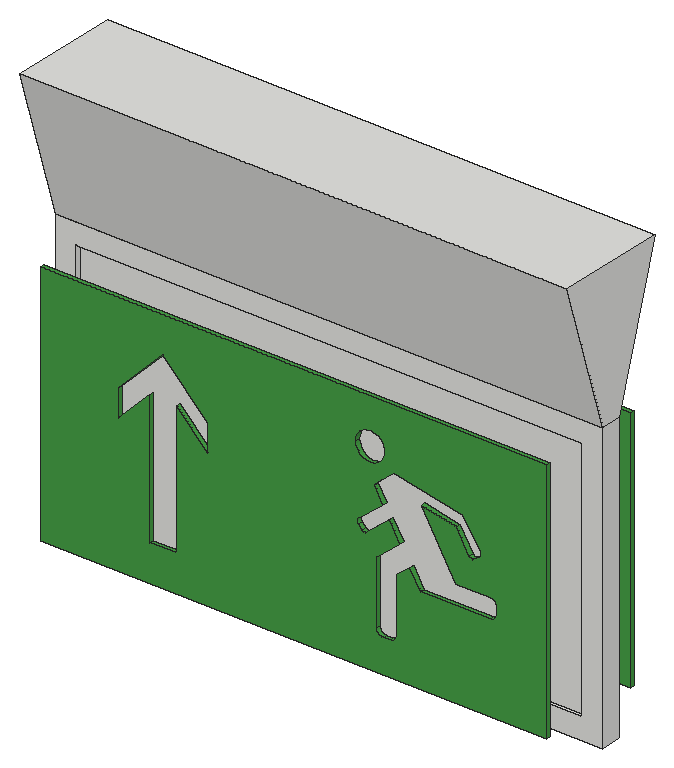
Revit family "290280 ExiLED M ST LED 22m LP 1t_Tak", category Lighting Fixtures, Revit 2016
Family settings
  Part Type = Normal
  Round Connector Dimension = Use Diameter
  OmniClass Number = 23.80.70.11.21
  OmniClass Title = Emergency Lighting
  Work Plane-Based = No
  Always vertical = Yes
  Cut with Voids When Loaded = No
  Light Source = Yes
  Shared = No
  Room Calculation Point = No
Parameters (values of type "MarkeringsLys (Opp)")
  Width 1 = 10 mm  # constant formula
  Width = 53 mm  # constant formula
  Wattage Comments = "17 W"
  Wattage = 9.2903 W
  built-in parameter 1150110 = 1 (stored number, unit not read)
  Voltage = 230 V
  URL = ""
  Type Comments = "-UN"
  built-in parameter 1114217 = 1 (stored number, unit not read)
  Tilt Angle = 90.00°
  built-in parameter 1150109 = 1 (stored number, unit not read)
  built-in parameter 1150134 = 3
  Symbol Positive Direction [instance] = yes
  Symbol Offset Side [instance] = 0 mm
  Symbol Offset Out [instance] = 0 mm
  built-in parameter 1150113 = 1 (stored number, unit not read)
  Reference Line Out [instance] = 50 mm
  Photometric Web File = "20x42A12.ies"
  Number of Poles = 1
  NS8360 = "4431_WT2"
  Markeringslys høyre = yes
  MarkeringsLys Venstre = no
  MarkeringsLys Opp = yes
  MarkeringsLys Ned = no
  MarkeringsLys Høyre = no
  MarkeringsLys 45 Opp mot venstre = no
  MarkeringsLys 45 Opp mot høyre = no
  MarkeringsLys 45 Ned mot venstre = no
  MarkeringsLys 45 Ned mot høyre = no
  MarkeringsLys = yes
  built-in parameter 1150105 = 109.82 (stored number, unit not read)
  Lumens = 1380 lm
  built-in parameter 1150115 = 1 (stored number, unit not read)
  Load Classification [instance] = Other
  Model = ""
  Manufacturer = "Honeywell"
  built-in parameter 1150137 = (empty or 0)
  built-in parameter 1150139 = (empty or 0)
  Length 3 = 80 mm  # constant formula
  Length 1 = Length - 20 mm  # 245 mm
  Length = 265 mm  # constant formula
  LedeLys = no
  built-in parameter 1150112 = 1 (stored number, unit not read)
  built-in parameter 1150114 = 1 (stored number, unit not read)
  Lamp = "1"
  Keynote = "WT2"
  built-in parameter 1150132 = (empty or 0)
  built-in parameter 1150102 = (empty or 0)
  built-in parameter 1150107 = 3200 (stored number, unit not read)
  built-in parameter 1150138 = (empty or 0)
  built-in parameter 1150106 = 1.0982 (stored number, unit not read)
  Markeringsly venstre = no
  Height 2 = Height 1 - 20 mm  # 119 mm
  Height 1 = Height - 70 mm  # 139 mm
  Height = 209 mm  # constant formula
  Emit from Rectangle Width = Height 1  # 139 mm
  Emit from Rectangle Length = Length  # 265 mm
  Emit Shape Visible in Rendering = no
  built-in parameter 1150104 = 13.8 (stored number, unit not read)
  Dimming Lamp Color Temperature Shift = <None>
  Description = ""
  Color Filter = 16777215
  Body Material and Colour = Steel
  built-in parameter 1114218 = 1 (stored number, unit not read)
  built-in parameter 1150133 = 10 (stored number, unit not read)
  Assembly Code = "4431"
  Apparent Load = 17 VA
Types (8, lengths in mm): name | Markeringslys høyre | MarkeringsLys Venstre | MarkeringsLys Opp | MarkeringsLys Høyre | MarkeringsLys 45 Opp mot venstre | MarkeringsLys 45 Opp mot høyre | MarkeringsLys 45 Ned mot høyre | Markeringsly venstre
  MarkeringsLys (Ned) | yes | no | yes | no | no | no | no | no
  MarkeringsLys (Opp) | yes | no | yes | no | no | no | no | no
  MarkeringsLys (45 Ned mot høyre) | yes | no | no | no | no | no | yes | no
  MarkeringsLys (45 Ned mot venstre) | yes | no | yes | no | no | no | no | no
  MarkeringsLys (45 Opp mot høyre) | yes | no | no | no | no | yes | no | no
  MarkeringsLys (45 Opp mot venstre) | no | no | no | no | yes | no | no | yes
  MarkeringsLys (Høyre) | yes | no | no | yes | no | no | no | no
  MarkeringsLys (Venstre) | no | yes | no | no | no | no | no | yes
Reference planes
  plane 1 "Light Source Axis (F/B)": y = 119.961
  plane 2 "Top": z = 83
  plane 3 "Light Source Axis (L/R)": x = 0
  plane 4 "Level": z = 0
  plane 5: x = -132.5
  plane 6: x = 132.5
  plane 7: x = -122.5
  plane 8: x = 122.5
  plane 9: y = 146.461
  plane 10: y = 93.461
  plane 11: x = -40
  plane 12: x = 40
  plane 13: y = 124.961
  plane 14: y = 114.961
  plane 15: z = -209
  plane 16: z = -70
  plane 17: z = -139.5
  plane 18: z = -80
  plane 19: z = -199
Forms (mm)
  Extrusion 1, solid, material "Steel" <- "Body Material and Colour"
    sketch origin (0, 119.961, 0) x (1, 0, 0) y (0, 0, 1)
      loop
        line (-132.5, -70) -> (-132.5, -209) -> (132.5, -209) -> (132.5, -70) -> (-132.5, -70)
      loop
        line (-122.5, -80) -> (-122.5, -199) -> (122.5, -199) -> (122.5, -80) -> (-122.5, -80)
    from -5 to 5
  Extrusion 2, solid, material "Steel" <- "Body Material and Colour"
    sketch origin (0, 0, 0) x (0, 1, 0) y (0, 0, 1)
      loop
        line (146.461, 0) -> (93.461, 0) -> (114.961, -70) -> (124.961, -70) -> (146.461, 0)
    from -132.5 to 132.5
  Extrusion 3, solid, material "Steel" <- "Body Material and Colour"
    sketch origin (0, 119.961, 0) x (1, 0, 0) y (0, 0, 1)
      loop
        line (-122.5, -80) -> (-122.5, -199) -> (122.5, -199) -> (122.5, -80) -> (-122.5, -80)
    from -3 to 3
Lines and regions (mm)
  model lines, style "InvisibleLines"
    curve 1: line (0, 119.961, 0) -> (0, 169.961, 0)
  symbolic lines, style "InvisibleLines"
    curve 2: line (0, 119.961, 0) -> (0, 119.961, 50)
Dimensions and locks
  equal spacing: plane 5, plane 3 "Light Source Axis (L/R)", plane 6
  "Length": plane 5 to plane 6
  equal spacing: plane 7, plane 3 "Light Source Axis (L/R)", plane 8
  "Length 1": plane 7 to plane 8
  "Reference Line Out": plane 1 "Light Source Axis (F/B)" to curve 1
  equal spacing: plane 9, plane 1 "Light Source Axis (F/B)", plane 10
  "Width": plane 9 to plane 10
  equal spacing: plane 11, plane 3 "Light Source Axis (L/R)", plane 12
  "Length 3": plane 11 to plane 12
  equal spacing: plane 13, plane 1 "Light Source Axis (F/B)", plane 14
  "Width 1": plane 13 to plane 14
  "Height": plane 15 to level
  equal spacing: plane 15, plane 17, plane 16
  "Height 1": plane 15 to plane 16
  equal spacing: plane 19, plane 17, plane 18
  "Height 2": plane 19 to plane 18
  aligned and locked: plane 4 "Level" to level
  aligned and locked: imposter light to plane 3 "Light Source Axis (L/R)"
  aligned and locked: plane 1 "Light Source Axis (F/B)" to curve 1
  aligned and locked: plane 3 "Light Source Axis (L/R)" to curve 1
  aligned and locked: nested 1 to plane 3 "Light Source Axis (L/R)"
  aligned and locked: plane 3 "Light Source Axis (L/R)" to nested 3
  aligned and locked: plane 1 "Light Source Axis (F/B)" to nested 3
  aligned and locked: plane 3 "Light Source Axis (L/R)" to nested 4
  aligned and locked: nested 6 to plane 3 "Light Source Axis (L/R)"
  aligned and locked: plane 3 "Light Source Axis (L/R)" to nested 5
  aligned and locked: nested 8 to plane 3 "Light Source Axis (L/R)"
  aligned and locked: plane 3 "Light Source Axis (L/R)" to nested 7
  aligned and locked: nested 9 to plane 3 "Light Source Axis (L/R)"
  aligned and locked: plane 3 "Light Source Axis (L/R)" to nested 2
  aligned and locked: plane 3 "Light Source Axis (L/R)" to nested 10
  aligned and locked: nested 11 to plane 3 "Light Source Axis (L/R)"
  aligned and locked: plane 3 "Light Source Axis (L/R)" to nested 12
  aligned and locked: nested 13 to plane 3 "Light Source Axis (L/R)"
  aligned and locked: plane 3 "Light Source Axis (L/R)" to nested 14
  aligned and locked: nested 15 to plane 3 "Light Source Axis (L/R)"
  aligned and locked: plane 3 "Light Source Axis (L/R)" to nested 16
  aligned and locked: nested 17 to plane 3 "Light Source Axis (L/R)"
  aligned and locked: nested 16 to plane 10
  aligned and locked: nested 10 to plane 10
  aligned and locked: nested 12 to plane 10
  aligned and locked: nested 5 to plane 10
  aligned and locked: nested 14 to plane 10
  aligned and locked: nested 7 to plane 10
  aligned and locked: nested 4 to plane 10
  aligned and locked: Extrusion 1 sketch curve to plane 16
  aligned and locked: plane 5 to Extrusion 1 sketch curve
  aligned and locked: plane 15 to Extrusion 1 sketch curve
  aligned and locked: Extrusion 1 sketch curve to plane 6
  aligned and locked: Extrusion 1 sketch curve to plane 18
  aligned and locked: plane 7 to Extrusion 1 sketch curve
  aligned and locked: plane 19 to Extrusion 1 sketch curve
  aligned and locked: Extrusion 1 sketch curve to plane 8
  aligned and locked: plane 17 to nested 2
  aligned and locked: nested 1 to plane 17
  aligned and locked: nested 1 to plane 13
  aligned and locked: nested 2 to plane 14
  aligned and locked: imposter light to plane 13
  aligned and locked: plane 17 to imposter light
  aligned and locked: level to Extrusion 2 sketch curve
  aligned and locked: plane 16 to Extrusion 2 sketch curve
  aligned and locked: plane 10 to Extrusion 2 sketch curve
  aligned and locked: plane 9 to Extrusion 2 sketch curve
  aligned and locked: plane 14 to Extrusion 2 sketch curve
  aligned and locked: plane 13 to Extrusion 2 sketch curve
  aligned and locked: plane 6 to Extrusion 2
  aligned and locked: Extrusion 2 to plane 5
  aligned and locked: plane 17 to nested 12
  aligned and locked: nested 13 to plane 17
  aligned and locked: plane 17 to nested 4
  aligned and locked: nested 6 to plane 17
  aligned and locked: plane 17 to nested 16
  aligned and locked: nested 17 to plane 17
  aligned and locked: plane 17 to nested 5
  aligned and locked: nested 8 to plane 17
  aligned and locked: plane 17 to nested 14
  aligned and locked: nested 15 to plane 17
  aligned and locked: plane 17 to nested 7
  aligned and locked: nested 9 to plane 17
  aligned and locked: plane 17 to nested 10
  aligned and locked: nested 11 to plane 17
  aligned and locked: Extrusion 1 to plane 13
  aligned and locked: Extrusion 1 to plane 14
  aligned and locked: Extrusion 3 sketch curve to plane 18
  aligned and locked: plane 19 to Extrusion 3 sketch curve
  aligned and locked: Extrusion 3 sketch curve to plane 8
  aligned and locked: plane 7 to Extrusion 3 sketch curve
  aligned and locked: Extrusion 3 to nested 1
  aligned and locked: Extrusion 3 to nested 2
  aligned and locked: plane 4 "Level" to curve 2
  aligned and locked: plane 3 "Light Source Axis (L/R)" to curve 2
Automatic sketch dimensions
  plane 2 "Top" to curve 2 = 33 mm
Nested families
  nested 1: "Formula 65_ned" at (0, 122.961, -139.5), type "Formula 65"
    with Ned no
  nested 2: "Formula 65_ned" at (0, 116.961, -139.5), visible <- "MarkeringsLys Ned", type "Formula 65"
    with Ned no
  nested 3: "MarkeringslysDobbelS" at (0, 119.961, 0), visible <- "MarkeringsLys", type "Type 1"
  nested 4: "Formula 65_opp" at (0, 95.461, -139.5), visible <- "MarkeringsLys Opp", type "Formula 65"
    with Up yes
  nested 5: "Formula 65_skrått 45 grader ned mot venstre" at (0, 95.461, -139.5), type "Formula 65"
  nested 6: "Formula 65_opp" at (0, 144.461, -139.5), type "Formula 65"
    with Up yes
  nested 7: "Formula 65_skrått 45 grader opp mot venstre" at (0, 95.461, -139.5), type "Formula 65"
  nested 8: "Formula 65_skrått 45 grader ned mot venstre" at (0, 144.461, -139.5), type "Formula 65"
  nested 9: "Formula 65_skrått 45 grader opp mot venstre" at (0, 144.461, -139.5), type "Formula 65"
  nested 10: "Formula 65_høyre" at (0, 95.461, -139.5), type "Formula 65"
  nested 11: "Formula 65_høyre" at (0, 144.461, -139.5), type "Formula 65"
  nested 12: "Formula 65_skrått 45 grader ned mot høyre" at (0, 95.461, -139.5), type "Formula 65"
  nested 13: "Formula 65_skrått 45 grader ned mot høyre" at (0, 144.461, -139.5), type "Formula 65"
  nested 14: "Formula 65_skrått 45 grader opp mot høyre" at (0, 95.461, -139.5), type "Formula 65"
  nested 15: "Formula 65_skrått 45 grader opp mot høyre" at (0, 144.461, -139.5), type "Formula 65"
  nested 16: "Formula 65_venstre" at (0, 95.461, -139.5), type "Formula 65"
  nested 17: "Formula 65_venstre" at (0, 144.461, -139.5), type "Formula 65"
Connectors
  electrical at (0, 119.961, 0), driven by "Number of Poles", driven by "Load Classification", driven by "Voltage", driven by "Apparent Load"
    settings: index 1, voltage 230 V, apparent load 0 VA, apparent load phase1 17 VA, apparent load phase2 0 VA, apparent load phase3 0 VA, power factor 1, load classification "Other", number of poles 1, system type 31, power factor state 1, is connector primary yes, connector utility no, sub classification motor no, connector description ""
Definition of nested family "Formula 65_opp"
  Parameters (values of type "Formula 65")
    Up = no
    L = 205 mm
    H = 135 mm
  Reference planes
    plane 1 "Center (Front/Back)": y = 0
    plane 2: z = 0
    plane 3 "Center (Left/Right)": x = 0
    plane 4: y = -2
  Forms (mm)
    Extrusion 1, solid, visible <- "Up"
      sketch origin (453.48, 0, -265.275) x (1, 0, 0) y (0, 0, 1)
        loop
          line (-330.98, 324.786) -> (-575.98, 324.786) -> (-575.98, 205.729) -> (-330.98, 205.729) -> (-330.98, 324.786)
        loop
          circle (-416.257, 302.786) r 6.994
        loop
          line (-410.528, 290.483) -> (-414.175, 286.835) -> (-410.086, 279.752) -> (-421.699, 270.007)
          arc (-421.699, 270.007) -> (-422.384, 268.692) -> (-421.938, 267.277) r 1.937
          line (-421.938, 267.277) -> (-420.277, 265.298)
          arc (-420.277, 265.298) -> (-418.962, 264.614) -> (-417.548, 265.06) r 1.937
          line (-417.548, 265.06) -> (-406.807, 274.072) -> (-401.888, 265.554) -> (-413.17, 256.087) -> (-413.17, 225.258)
          arc (-413.17, 225.258) -> (-412.224, 222.974) -> (-409.941, 222.029) r 3.229
          line (-409.941, 222.029) -> (-406.712, 222.029)
          arc (-406.712, 222.029) -> (-404.429, 222.974) -> (-403.483, 225.258) r 3.229
          line (-403.483, 225.258) -> (-403.483, 251.57) -> (-396.97, 257.035) -> (-391.811, 248.099) -> (-358.276, 248.099)
          arc (-358.276, 248.099) -> (-355.993, 249.045) -> (-355.047, 251.328) r 3.229
          line (-355.047, 251.328) -> (-355.047, 254.557)
          arc (-355.047, 254.557) -> (-355.993, 256.84) -> (-358.276, 257.786) r 3.229
          line (-358.276, 257.786) -> (-375.032, 257.786) -> (-391.295, 285.955) -> (-374.492, 282.683) -> (-368.439, 272.199)
          arc (-368.439, 272.199) -> (-367.214, 271.284) -> (-365.706, 271.543) r 1.937
          line (-365.706, 271.543) -> (-363.469, 272.996)
          arc (-363.469, 272.996) -> (-362.629, 274.218) -> (-362.899, 275.676) r 1.937
          line (-362.899, 275.676) -> (-371.321, 288.645) -> (-404.921, 295.187) -> (-410.528, 290.483)
        loop
          line (-494.958, 285.425) -> (-516.607, 307.075) -> (-538.257, 285.425) -> (-538.257, 272.436) -> (-523.102, 287.59) -> (-523.102, 223.475) -> (-510.113, 223.475) -> (-510.113, 287.59) -> (-494.958, 272.436) -> (-494.958, 285.425)
      from 0 to 2
  Dimensions and locks
    aligned and locked: level to plane 2
Definition of nested family "Formula 65_ned"
  Parameters (values of type "Formula 65")
    Ned = yes
    L = 205 mm
    H = 135 mm
  Reference planes
    plane 1 "Center (Front/Back)": y = 0
    plane 2: z = 0
    plane 3 "Center (Left/Right)": x = 0
    plane 4: y = -2
  Forms (mm)
    Extrusion 1, solid, visible <- "Ned"
      sketch origin (453.48, 0, -265.275) x (1, 0, 0) y (0, 0, 1)
        loop
          line (-330.98, 324.775) -> (-575.98, 324.775) -> (-575.98, 205.729) -> (-330.98, 205.729) -> (-330.98, 324.775)
        loop
          line (-494.958, 245.124) -> (-494.958, 258.114) -> (-510.113, 242.959) -> (-510.113, 307.075) -> (-523.102, 307.075) -> (-523.102, 242.959) -> (-538.257, 258.114) -> (-538.257, 245.124) -> (-516.607, 223.475) -> (-494.958, 245.124)
        loop
          circle (-424.257, 302.786) r 6.994
        loop
          line (-418.528, 290.483) -> (-422.175, 286.835) -> (-418.086, 279.752) -> (-429.699, 270.007)
          arc (-429.699, 270.007) -> (-430.384, 268.692) -> (-429.938, 267.277) r 1.937
          line (-429.938, 267.277) -> (-428.277, 265.298)
          arc (-428.277, 265.298) -> (-426.962, 264.614) -> (-425.548, 265.06) r 1.937
          line (-425.548, 265.06) -> (-414.807, 274.072) -> (-409.888, 265.554) -> (-421.17, 256.087) -> (-421.17, 225.258)
          arc (-421.17, 225.258) -> (-420.224, 222.974) -> (-417.941, 222.029) r 3.229
          line (-417.941, 222.029) -> (-414.712, 222.029)
          arc (-414.712, 222.029) -> (-412.429, 222.974) -> (-411.483, 225.258) r 3.229
          line (-411.483, 225.258) -> (-411.483, 251.57) -> (-404.97, 257.035) -> (-399.811, 248.099) -> (-366.276, 248.099)
          arc (-366.276, 248.099) -> (-363.993, 249.045) -> (-363.047, 251.328) r 3.229
          line (-363.047, 251.328) -> (-363.047, 254.557)
          arc (-363.047, 254.557) -> (-363.993, 256.84) -> (-366.276, 257.786) r 3.229
          line (-366.276, 257.786) -> (-383.032, 257.786) -> (-399.295, 285.955) -> (-382.492, 282.683) -> (-376.439, 272.199)
          arc (-376.439, 272.199) -> (-375.214, 271.284) -> (-373.706, 271.543) r 1.937
          line (-373.706, 271.543) -> (-371.469, 272.996)
          arc (-371.469, 272.996) -> (-370.629, 274.218) -> (-370.899, 275.676) r 1.937
          line (-370.899, 275.676) -> (-379.321, 288.645) -> (-412.921, 295.187) -> (-418.528, 290.483)
      from 0 to 2
  Dimensions and locks
    aligned and locked: level to plane 2
Definition of nested family "MarkeringslysDobbelS"
  Parameters (values of type "Type 1")
    Venstre opp 45 = no
    Venstre ned 45 = no
    Venstre = no
    Opp = yes
    Normal = yes
    Ned = no
    Ikke normal = no
    Høyre opp 45 = no
    Høyre ned 45 = no
    Høyre = no
    CQ Symbol Positive Direction = yes
    CQ Symbol Negative Direction = not(CQ Symbol Positive Direction)  # no
    CQ Symbol Offset Side = 0 mm
    CQ Symbol Offset Out = 0 mm
  Reference planes
    plane 1: y = 0
    plane 2: x = 0
  Dimensions and locks
    "CQ Symbol Offset Out": plane 1 to nested 1
    "CQ Symbol Offset Out": plane 1 to nested 2
    "CQ Symbol Offset Side": plane 2 to nested 2
    "CQ Symbol Offset Side": nested 1 to plane 2
  Nested families
    nested 1: "Markeringslys dobbel" at (0, 0, 0), visible <- "CQ Symbol Negative Direction", type "Type 1"
    nested 2: "Markeringslys dobbel" at (0, 0, 0), visible <- "CQ Symbol Positive Direction", type "Type 1"
  Definition of nested family "Markeringslys dobbel"
    Parameters (values of type "Type 1")
      Venstre opp 45 = no
      Venstre ned 45 = no
      Venstre = no
      Opp = yes
      Normal = yes
      Ned = no
      Ikke normal = no
      Høyre opp 45 = no
      Høyre ned 45 = no
      Høyre = no
    Reference planes
      plane 1: y = 0
      plane 2: x = 0
    Lines and regions (mm)
      detail lines
        curve 1: line (4, -4, 0) -> (-4, -4, 0)
        curve 2: line (-4, -4, 0) -> (-4, 0, 0)
        curve 3: line (-4, 0, 0) -> (4, 0, 0)
        curve 4: line (4, 0, 0) -> (4, -4, 0)
        curve 45: line (-4, 4, 0) -> (4, 4, 0)
        curve 46: line (4, 4, 0) -> (4, 0, 0)
        curve 47: line (4, 0, 0) -> (-4, 0, 0)
        curve 48: line (-4, 0, 0) -> (-4, 4, 0)
        curve 58: circle (1.212, 0.614, 0) r 0.3 normal (0, 0, -1)
      detail lines, visible <- "Ned"
        curve 5: line (2.346, -0.5, 0) -> (1.646, -0.5, 0)
        curve 6: line (2.346, -0.5, 0) -> (2.346, -2.584, 0)
        curve 7: line (1.646, -0.5, 0) -> (1.646, -2.584, 0)
        curve 8: line (1.996, -3.5, 0) -> (2.996, -2.5, 0)
        curve 9: line (2.996, -2.5, 0) -> (2.996, -1.934, 0)
        curve 10: line (2.996, -1.934, 0) -> (2.346, -2.584, 0)
        curve 11: line (1.996, -3.5, 0) -> (0.996, -2.5, 0)
        curve 12: line (0.996, -2.5, 0) -> (0.996, -1.934, 0)
        curve 13: line (0.996, -1.934, 0) -> (1.646, -2.584, 0)
        curve 49: line (-2.346, 0.5, 0) -> (-1.646, 0.5, 0)
        curve 50: line (-2.346, 0.5, 0) -> (-2.346, 2.584, 0)
        curve 51: line (-1.646, 0.5, 0) -> (-1.646, 2.584, 0)
        curve 52: line (-1.996, 3.5, 0) -> (-2.996, 2.5, 0)
        curve 53: line (-2.996, 2.5, 0) -> (-2.996, 1.934, 0)
        curve 54: line (-2.996, 1.934, 0) -> (-2.346, 2.584, 0)
        curve 55: line (-1.996, 3.5, 0) -> (-0.996, 2.5, 0)
        curve 56: line (-0.996, 2.5, 0) -> (-0.996, 1.934, 0)
        curve 57: line (-0.996, 1.934, 0) -> (-1.646, 2.584, 0)
      detail lines, visible <- "Normal"
        curve 14: circle (-1.212, -0.614, 0) r 0.3 normal (0, 0, -1)
        curve 15: line (-0.986, -3.7, 0) -> (-1.395, -3.7, 0)
        curve 16: line (-0.986, -3.7, 0) -> (-1.823, -2.308, 0)
        curve 17: line (-1.823, -2.308, 0) -> (-1.461, -1.495, 0)
        curve 18: line (-1.069, -2.147, 0) -> (-1.461, -1.495, 0)
        curve 19: line (-1.069, -2.147, 0) -> (-0.487, -2.147, 0)
        curve 20: line (-0.487, -2.147, 0) -> (-0.487, -1.847, 0)
        curve 21: line (-0.487, -1.847, 0) -> (-0.899, -1.847, 0)
        curve 22: line (-0.899, -1.847, 0) -> (-1.307, -1.169, 0)
        curve 23: line (-1.395, -3.7, 0) -> (-2.104, -2.518, 0)
        curve 24: line (-1.307, -1.169, 0) -> (-1.753, -0.97, 0)
        curve 25: line (-1.753, -0.97, 0) -> (-2.625, -0.97, 0)
        curve 26: line (-2.625, -0.97, 0) -> (-2.99, -1.627, 0)
        curve 27: line (-2.99, -1.627, 0) -> (-2.769, -1.848, 0)
        curve 28: line (-2.769, -1.848, 0) -> (-2.457, -1.285, 0)
        curve 29: line (-2.104, -2.518, 0) -> (-2.259, -3.229, 0)
        curve 30: line (-2.259, -3.229, 0) -> (-3.557, -3.229, 0)
        curve 31: line (-3.557, -3.229, 0) -> (-3.457, -2.879, 0)
        curve 32: line (-3.457, -2.879, 0) -> (-2.541, -2.879, 0)
        curve 33: line (-2.541, -2.879, 0) -> (-2.4, -2.23, 0)
        curve 34: line (-2.4, -2.23, 0) -> (-2.021, -1.38, 0)
        curve 35: line (-2.021, -1.38, 0) -> (-2.457, -1.285, 0)
        curve 59: line (0.986, 3.7, 0) -> (1.395, 3.7, 0)
        curve 60: line (0.986, 3.7, 0) -> (1.823, 2.308, 0)
        curve 61: line (1.823, 2.308, 0) -> (1.461, 1.495, 0)
        curve 62: line (1.069, 2.147, 0) -> (1.461, 1.495, 0)
        curve 63: line (1.069, 2.147, 0) -> (0.487, 2.147, 0)
        curve 64: line (0.487, 2.147, 0) -> (0.487, 1.847, 0)
        curve 65: line (0.487, 1.847, 0) -> (0.899, 1.847, 0)
        curve 66: line (0.899, 1.847, 0) -> (1.307, 1.169, 0)
        curve 67: line (1.395, 3.7, 0) -> (2.104, 2.518, 0)
        curve 68: line (1.307, 1.169, 0) -> (1.753, 0.97, 0)
        curve 69: line (1.753, 0.97, 0) -> (2.625, 0.97, 0)
        curve 70: line (2.625, 0.97, 0) -> (2.99, 1.627, 0)
        curve 71: line (2.99, 1.627, 0) -> (2.769, 1.848, 0)
        curve 72: line (2.769, 1.848, 0) -> (2.457, 1.285, 0)
        curve 73: line (2.104, 2.518, 0) -> (2.259, 3.229, 0)
        curve 74: line (2.259, 3.229, 0) -> (3.557, 3.229, 0)
        curve 75: line (3.557, 3.229, 0) -> (3.457, 2.879, 0)
        curve 76: line (3.457, 2.879, 0) -> (2.541, 2.879, 0)
        curve 77: line (2.541, 2.879, 0) -> (2.4, 2.23, 0)
        curve 78: line (2.4, 2.23, 0) -> (2.021, 1.38, 0)
        curve 79: line (2.021, 1.38, 0) -> (2.457, 1.285, 0)
      detail lines, visible <- "Opp"
        curve 36: line (1.646, -3.5, 0) -> (2.346, -3.5, 0)
        curve 37: line (1.646, -3.5, 0) -> (1.646, -1.416, 0)
        curve 38: line (2.346, -3.5, 0) -> (2.346, -1.416, 0)
        curve 39: line (1.996, -0.5, 0) -> (0.996, -1.5, 0)
        curve 40: line (0.996, -1.5, 0) -> (0.996, -2.066, 0)
        curve 41: line (0.996, -2.066, 0) -> (1.646, -1.416, 0)
        curve 42: line (1.996, -0.5, 0) -> (2.996, -1.5, 0)
        curve 43: line (2.996, -1.5, 0) -> (2.996, -2.066, 0)
        curve 44: line (2.996, -2.066, 0) -> (2.346, -1.416, 0)
        curve 80: line (-1.646, 3.5, 0) -> (-2.346, 3.5, 0)
        curve 81: line (-1.646, 3.5, 0) -> (-1.646, 1.416, 0)
        curve 82: line (-2.346, 3.5, 0) -> (-2.346, 1.416, 0)
        curve 83: line (-1.996, 0.5, 0) -> (-0.996, 1.5, 0)
        curve 84: line (-0.996, 1.5, 0) -> (-0.996, 2.066, 0)
        curve 85: line (-0.996, 2.066, 0) -> (-1.646, 1.416, 0)
        curve 86: line (-1.996, 0.5, 0) -> (-2.996, 1.5, 0)
        curve 87: line (-2.996, 1.5, 0) -> (-2.996, 2.066, 0)
        curve 88: line (-2.996, 2.066, 0) -> (-2.346, 1.416, 0)
      detail lines, visible <- "Høyre"
        curve 89: line (0.496, -1.65, 0) -> (0.496, -2.35, 0)
        curve 90: line (0.496, -1.65, 0) -> (2.58, -1.65, 0)
        curve 91: line (0.496, -2.35, 0) -> (2.58, -2.35, 0)
        curve 92: line (3.496, -2, 0) -> (2.496, -1, 0)
        curve 93: line (2.496, -1, 0) -> (1.93, -1, 0)
        curve 94: line (1.93, -1, 0) -> (2.58, -1.65, 0)
        curve 95: line (3.496, -2, 0) -> (2.496, -3, 0)
        curve 96: line (2.496, -3, 0) -> (1.93, -3, 0)
        curve 97: line (1.93, -3, 0) -> (2.58, -2.35, 0)
        curve 100: line (-0.496, 1.65, 0) -> (-0.496, 2.35, 0)
        curve 101: line (-0.496, 1.65, 0) -> (-2.58, 1.65, 0)
        curve 102: line (-0.496, 2.35, 0) -> (-2.58, 2.35, 0)
        curve 103: line (-3.496, 2, 0) -> (-2.466, 0.97, 0)
        curve 104: line (-2.496, 1, 0) -> (-1.93, 1, 0)
        curve 105: line (-1.93, 1, 0) -> (-2.58, 1.65, 0)
        curve 106: line (-3.496, 2, 0) -> (-2.496, 3, 0)
        curve 107: line (-2.496, 3, 0) -> (-1.93, 3, 0)
        curve 108: line (-1.93, 3, 0) -> (-2.58, 2.35, 0)
      detail lines, visible <- "Venstre"
        curve 98: line (-1.496, 1, 0) -> (-2.062, 1, 0)
        curve 99: line (-2.062, 1, 0) -> (-1.412, 1.65, 0)
        curve 131: line (-0.409, -1.65, 0) -> (-0.409, -2.35, 0)
        curve 132: line (-0.409, -1.65, 0) -> (-2.493, -1.65, 0)
        curve 133: line (-0.409, -2.35, 0) -> (-2.493, -2.35, 0)
        curve 134: line (-3.409, -2, 0) -> (-2.409, -1, 0)
        curve 135: line (-2.409, -1, 0) -> (-1.843, -1, 0)
        curve 136: line (-1.843, -1, 0) -> (-2.493, -1.65, 0)
        curve 137: line (-3.409, -2, 0) -> (-2.409, -3, 0)
        curve 138: line (-2.409, -3, 0) -> (-1.843, -3, 0)
        curve 139: line (-1.843, -3, 0) -> (-2.493, -2.35, 0)
        curve 162: line (0.409, 1.65, 0) -> (0.409, 2.35, 0)
        curve 163: line (0.409, 1.65, 0) -> (2.493, 1.65, 0)
        curve 164: line (0.409, 2.35, 0) -> (2.493, 2.35, 0)
        curve 165: line (3.409, 2, 0) -> (2.409, 1, 0)
        curve 166: line (2.409, 1, 0) -> (1.843, 1, 0)
        curve 167: line (1.843, 1, 0) -> (2.493, 1.65, 0)
        curve 168: line (3.409, 2, 0) -> (2.409, 3, 0)
        curve 169: line (2.409, 3, 0) -> (1.843, 3, 0)
        curve 170: line (1.843, 3, 0) -> (2.493, 2.35, 0)
      detail lines, visible <- "Ikke normal"
        curve 109: circle (1.299, -0.614, 0) r 0.3 normal (0, 0, 1)
        curve 110: line (1.073, -3.7, 0) -> (1.482, -3.7, 0)
        curve 111: line (1.073, -3.7, 0) -> (1.91, -2.308, 0)
        curve 112: line (1.91, -2.308, 0) -> (1.548, -1.495, 0)
        curve 113: line (1.156, -2.147, 0) -> (1.548, -1.495, 0)
        curve 114: line (1.156, -2.147, 0) -> (0.574, -2.147, 0)
        curve 115: line (0.574, -2.147, 0) -> (0.574, -1.847, 0)
        curve 116: line (0.574, -1.847, 0) -> (0.986, -1.847, 0)
        curve 117: line (0.986, -1.847, 0) -> (1.394, -1.169, 0)
        curve 118: line (1.482, -3.7, 0) -> (2.192, -2.518, 0)
        curve 119: line (1.394, -1.169, 0) -> (1.84, -0.97, 0)
        curve 120: line (1.84, -0.97, 0) -> (2.713, -0.97, 0)
        curve 121: line (2.713, -0.97, 0) -> (3.077, -1.627, 0)
        curve 122: line (3.077, -1.627, 0) -> (2.856, -1.848, 0)
        curve 123: line (2.856, -1.848, 0) -> (2.544, -1.285, 0)
        curve 124: line (2.192, -2.518, 0) -> (2.346, -3.229, 0)
        curve 125: line (2.346, -3.229, 0) -> (3.644, -3.229, 0)
        curve 126: line (3.644, -3.229, 0) -> (3.544, -2.879, 0)
        curve 127: line (3.544, -2.879, 0) -> (2.628, -2.879, 0)
        curve 128: line (2.628, -2.879, 0) -> (2.487, -2.23, 0)
        curve 129: line (2.487, -2.23, 0) -> (2.108, -1.38, 0)
        curve 130: line (2.108, -1.38, 0) -> (2.544, -1.285, 0)
        curve 140: circle (-1.299, 0.614, 0) r 0.3 normal (0, 0, 1)
        curve 141: line (-1.073, 3.7, 0) -> (-1.482, 3.7, 0)
        curve 142: line (-1.073, 3.7, 0) -> (-1.91, 2.308, 0)
        curve 143: line (-1.91, 2.308, 0) -> (-1.548, 1.495, 0)
        curve 144: line (-1.156, 2.147, 0) -> (-1.548, 1.495, 0)
        curve 145: line (-1.156, 2.147, 0) -> (-0.574, 2.147, 0)
        curve 146: line (-0.574, 2.147, 0) -> (-0.574, 1.847, 0)
        curve 147: line (-0.574, 1.847, 0) -> (-0.986, 1.847, 0)
        curve 148: line (-0.986, 1.847, 0) -> (-1.394, 1.169, 0)
        curve 149: line (-1.482, 3.7, 0) -> (-2.192, 2.518, 0)
        curve 150: line (-1.394, 1.169, 0) -> (-1.84, 0.97, 0)
        curve 151: line (-1.84, 0.97, 0) -> (-2.713, 0.97, 0)
        curve 152: line (-2.713, 0.97, 0) -> (-3.077, 1.627, 0)
        curve 153: line (-3.077, 1.627, 0) -> (-2.856, 1.848, 0)
        curve 154: line (-2.856, 1.848, 0) -> (-2.544, 1.285, 0)
        curve 155: line (-2.192, 2.518, 0) -> (-2.346, 3.229, 0)
        curve 156: line (-2.346, 3.229, 0) -> (-3.644, 3.229, 0)
        curve 157: line (-3.644, 3.229, 0) -> (-3.544, 2.879, 0)
        curve 158: line (-3.544, 2.879, 0) -> (-2.628, 2.879, 0)
        curve 159: line (-2.628, 2.879, 0) -> (-2.487, 2.23, 0)
        curve 160: line (-2.487, 2.23, 0) -> (-2.108, 1.38, 0)
        curve 161: line (-2.108, 1.38, 0) -> (-2.544, 1.285, 0)
      detail lines, visible <- "Venstre opp 45"
        curve 171: line (0.601, 2.813, 0) -> (1.096, 3.308, 0)
        curve 172: line (0.601, 2.813, 0) -> (2.075, 1.339, 0)
        curve 173: line (1.096, 3.308, 0) -> (2.57, 1.834, 0)
        curve 174: line (2.97, 0.939, 0) -> (1.556, 0.939, 0)
        curve 175: line (1.556, 0.939, 0) -> (1.156, 1.339, 0)
        curve 176: line (1.156, 1.339, 0) -> (2.075, 1.339, 0)
        curve 177: line (2.97, 0.939, 0) -> (2.97, 2.354, 0)
        curve 178: line (2.97, 2.354, 0) -> (2.57, 2.754, 0)
        curve 179: line (2.57, 2.754, 0) -> (2.57, 1.834, 0)
        curve 189: line (-0.601, -2.813, 0) -> (-1.096, -3.308, 0)
        curve 190: line (-0.601, -2.813, 0) -> (-2.075, -1.339, 0)
        curve 191: line (-1.096, -3.308, 0) -> (-2.57, -1.834, 0)
        curve 192: line (-2.97, -0.939, 0) -> (-1.556, -0.939, 0)
        curve 193: line (-1.556, -0.939, 0) -> (-1.156, -1.339, 0)
        curve 194: line (-1.156, -1.339, 0) -> (-2.075, -1.339, 0)
        curve 195: line (-2.97, -0.939, 0) -> (-2.97, -2.354, 0)
        curve 196: line (-2.97, -2.354, 0) -> (-2.57, -2.754, 0)
        curve 197: line (-2.57, -2.754, 0) -> (-2.57, -1.834, 0)
      detail lines, visible <- "Venstre ned 45"
        curve 180: line (-1.096, -0.939, 0) -> (-0.601, -1.434, 0)
        curve 181: line (-1.096, -0.939, 0) -> (-2.57, -2.413, 0)
        curve 182: line (-0.601, -1.434, 0) -> (-2.075, -2.908, 0)
        curve 183: line (-2.97, -3.308, 0) -> (-2.97, -1.894, 0)
        curve 184: line (-2.97, -1.894, 0) -> (-2.57, -1.494, 0)
        curve 185: line (-2.57, -1.494, 0) -> (-2.57, -2.413, 0)
        curve 186: line (-2.97, -3.308, 0) -> (-1.556, -3.308, 0)
        curve 187: line (-1.556, -3.308, 0) -> (-1.156, -2.908, 0)
        curve 188: line (-1.156, -2.908, 0) -> (-2.075, -2.908, 0)
        curve 198: line (1.096, 0.939, 0) -> (0.601, 1.434, 0)
        curve 199: line (1.096, 0.939, 0) -> (2.57, 2.413, 0)
        curve 200: line (0.601, 1.434, 0) -> (2.075, 2.908, 0)
        curve 201: line (2.97, 3.308, 0) -> (2.97, 1.894, 0)
        curve 202: line (2.97, 1.894, 0) -> (2.57, 1.494, 0)
        curve 203: line (2.57, 1.494, 0) -> (2.57, 2.413, 0)
        curve 204: line (2.97, 3.308, 0) -> (1.556, 3.308, 0)
        curve 205: line (1.556, 3.308, 0) -> (1.156, 2.908, 0)
        curve 206: line (1.156, 2.908, 0) -> (2.075, 2.908, 0)
      detail lines, visible <- "Høyre ned 45"
        curve 207: line (1.18, -0.517, 0) -> (0.685, -1.012, 0)
        curve 208: line (1.18, -0.517, 0) -> (2.654, -1.991, 0)
        curve 209: line (0.685, -1.012, 0) -> (2.159, -2.486, 0)
        curve 210: line (3.054, -2.886, 0) -> (3.054, -1.472, 0)
        curve 211: line (3.054, -1.472, 0) -> (2.654, -1.072, 0)
        curve 212: line (2.654, -1.072, 0) -> (2.654, -1.991, 0)
        curve 213: line (3.054, -2.886, 0) -> (1.64, -2.886, 0)
        curve 214: line (1.64, -2.886, 0) -> (1.24, -2.486, 0)
        curve 215: line (1.24, -2.486, 0) -> (2.159, -2.486, 0)
        curve 225: line (-1.18, 0.517, 0) -> (-0.685, 1.012, 0)
        curve 226: line (-1.18, 0.517, 0) -> (-2.654, 1.991, 0)
        curve 227: line (-0.685, 1.012, 0) -> (-2.159, 2.486, 0)
        curve 228: line (-3.054, 2.886, 0) -> (-3.054, 1.472, 0)
        curve 229: line (-3.054, 1.472, 0) -> (-2.654, 1.072, 0)
        curve 230: line (-2.654, 1.072, 0) -> (-2.654, 1.991, 0)
        curve 231: line (-3.054, 2.886, 0) -> (-1.64, 2.886, 0)
        curve 232: line (-1.64, 2.886, 0) -> (-1.24, 2.486, 0)
        curve 233: line (-1.24, 2.486, 0) -> (-2.159, 2.486, 0)
      detail lines, visible <- "Høyre opp 45"
        curve 216: line (0.685, -2.391, 0) -> (1.18, -2.886, 0)
        curve 217: line (0.685, -2.391, 0) -> (2.159, -0.917, 0)
        curve 218: line (1.18, -2.886, 0) -> (2.654, -1.412, 0)
        curve 219: line (3.054, -0.517, 0) -> (1.64, -0.517, 0)
        curve 220: line (1.64, -0.517, 0) -> (1.24, -0.917, 0)
        curve 221: line (1.24, -0.917, 0) -> (2.159, -0.917, 0)
        curve 222: line (3.054, -0.517, 0) -> (3.054, -1.932, 0)
        curve 223: line (3.054, -1.932, 0) -> (2.654, -2.332, 0)
        curve 224: line (2.654, -2.332, 0) -> (2.654, -1.412, 0)
        curve 234: line (-0.685, 2.391, 0) -> (-1.18, 2.886, 0)
        curve 235: line (-0.685, 2.391, 0) -> (-2.159, 0.917, 0)
        curve 236: line (-1.18, 2.886, 0) -> (-2.654, 1.412, 0)
        curve 237: line (-3.054, 0.517, 0) -> (-1.64, 0.517, 0)
        curve 238: line (-1.64, 0.517, 0) -> (-1.24, 0.917, 0)
        curve 239: line (-1.24, 0.917, 0) -> (-2.159, 0.917, 0)
        curve 240: line (-3.054, 0.517, 0) -> (-3.054, 1.932, 0)
        curve 241: line (-3.054, 1.932, 0) -> (-2.654, 2.332, 0)
        curve 242: line (-2.654, 2.332, 0) -> (-2.654, 1.412, 0)
Definition of nested family "Formula 65_skrått 45 grader ned mot venstre"
  Parameters (values of type "Formula 65")
    L = 205 mm
    H = 135 mm
    45 ned mot venstre = no
  Reference planes
    plane 1 "Center (Front/Back)": y = 0
    plane 2: z = 0
    plane 3 "Center (Left/Right)": x = 0
    plane 4: y = -2
  Forms (mm)
    Extrusion 1, solid, visible <- "45 ned mot venstre"
      sketch origin (453.48, 0, -265.275) x (1, 0, 0) y (0, 0, 1)
        loop
          line (-330.98, 324.786) -> (-575.98, 324.786) -> (-575.98, 205.729) -> (-330.98, 205.729) -> (-330.98, 324.786)
        loop
          circle (-424.257, 302.786) r 6.994
        loop
          line (-418.528, 290.483) -> (-422.175, 286.835) -> (-418.086, 279.752) -> (-429.699, 270.007)
          arc (-429.699, 270.007) -> (-430.384, 268.692) -> (-429.938, 267.277) r 1.937
          line (-429.938, 267.277) -> (-428.277, 265.298)
          arc (-428.277, 265.298) -> (-426.962, 264.614) -> (-425.548, 265.06) r 1.937
          line (-425.548, 265.06) -> (-414.807, 274.072) -> (-409.888, 265.554) -> (-421.17, 256.087) -> (-421.17, 225.258)
          arc (-421.17, 225.258) -> (-420.224, 222.974) -> (-417.941, 222.029) r 3.229
          line (-417.941, 222.029) -> (-414.712, 222.029)
          arc (-414.712, 222.029) -> (-412.429, 222.974) -> (-411.483, 225.258) r 3.229
          line (-411.483, 225.258) -> (-411.483, 251.57) -> (-404.97, 257.035) -> (-399.811, 248.099) -> (-366.276, 248.099)
          arc (-366.276, 248.099) -> (-363.993, 249.045) -> (-363.047, 251.328) r 3.229
          line (-363.047, 251.328) -> (-363.047, 254.557)
          arc (-363.047, 254.557) -> (-363.993, 256.84) -> (-366.276, 257.786) r 3.229
          line (-366.276, 257.786) -> (-383.032, 257.786) -> (-399.295, 285.955) -> (-382.492, 282.683) -> (-376.439, 272.199)
          arc (-376.439, 272.199) -> (-375.214, 271.284) -> (-373.706, 271.543) r 1.937
          line (-373.706, 271.543) -> (-371.469, 272.996)
          arc (-371.469, 272.996) -> (-370.629, 274.218) -> (-370.899, 275.676) r 1.937
          line (-370.899, 275.676) -> (-379.321, 288.645) -> (-412.921, 295.187) -> (-418.528, 290.483)
        loop
          line (-552.407, 266.335) -> (-552.407, 235.718) -> (-521.79, 235.718) -> (-512.605, 244.903) -> (-534.036, 244.903) -> (-488.7, 290.239) -> (-497.885, 299.424) -> (-543.222, 254.088) -> (-543.222, 275.52) -> (-552.407, 266.335)
      from 0 to 2
  Dimensions and locks
    aligned and locked: level to plane 2
Definition of nested family "Formula 65_skrått 45 grader opp mot venstre"
  Parameters (values of type "Formula 65")
    L = 205 mm
    H = 135 mm
    45 opp mot venstre = no
  Reference planes
    plane 1 "Center (Front/Back)": y = 0
    plane 2: z = 0
    plane 3 "Center (Left/Right)": x = 0
    plane 4: y = -2
  Forms (mm)
    Extrusion 1, solid, visible <- "45 opp mot venstre"
      sketch origin (453.48, 0, -265.275) x (1, 0, 0) y (0, 0, 1)
        loop
          line (-330.98, 324.795) -> (-575.98, 324.795) -> (-575.98, 205.76) -> (-330.98, 205.76) -> (-330.98, 324.795)
        loop
          circle (-426.914, 299.376) r 6.359
        loop
          line (-421.705, 288.191) -> (-425.021, 284.875) -> (-421.303, 278.435) -> (-431.861, 269.577)
          arc (-431.861, 269.577) -> (-432.483, 268.381) -> (-432.078, 267.095) r 1.761
          line (-432.078, 267.095) -> (-430.568, 265.296)
          arc (-430.568, 265.296) -> (-429.373, 264.674) -> (-428.087, 265.079) r 1.761
          line (-428.087, 265.079) -> (-418.323, 273.273) -> (-413.851, 265.528) -> (-424.107, 256.922) -> (-424.107, 228.896)
          arc (-424.107, 228.896) -> (-423.248, 226.82) -> (-421.172, 225.96) r 2.936
          line (-421.172, 225.96) -> (-418.236, 225.96)
          arc (-418.236, 225.96) -> (-416.161, 226.82) -> (-415.301, 228.896) r 2.936
          line (-415.301, 228.896) -> (-415.301, 252.816) -> (-409.38, 257.784) -> (-404.69, 249.66) -> (-374.203, 249.66)
          arc (-374.203, 249.66) -> (-372.128, 250.52) -> (-371.268, 252.596) r 2.936
          line (-371.268, 252.596) -> (-371.268, 255.531)
          arc (-371.268, 255.531) -> (-372.128, 257.607) -> (-374.203, 258.467) r 2.936
          line (-374.203, 258.467) -> (-389.437, 258.467) -> (-404.221, 284.075) -> (-388.945, 281.1) -> (-383.443, 271.57)
          arc (-383.443, 271.57) -> (-382.329, 270.738) -> (-380.958, 270.973) r 1.761
          line (-380.958, 270.973) -> (-378.924, 272.294)
          arc (-378.924, 272.294) -> (-378.161, 273.405) -> (-378.406, 274.731) r 1.761
          line (-378.406, 274.731) -> (-386.063, 286.52) -> (-416.608, 292.468) -> (-421.705, 288.191)
        loop
          line (-551.368, 264.311) -> (-543.018, 255.961) -> (-543.018, 275.445) -> (-501.803, 234.23) -> (-493.453, 242.58) -> (-534.668, 283.795) -> (-515.184, 283.795) -> (-523.534, 292.145) -> (-551.368, 292.145) -> (-551.368, 264.311)
      from 0 to 2
  Dimensions and locks
    aligned and locked: level to plane 2
Definition of nested family "Formula 65_høyre"
  Parameters (values of type "Formula 65")
    L = 205 mm
    Høyre = no
    H = 135 mm
  Reference planes
    plane 1 "Center (Front/Back)": y = 0
    plane 2: z = 0
    plane 3 "Center (Left/Right)": x = 0
    plane 4: y = -2
  Forms (mm)
    Extrusion 1, solid, visible <- "Høyre"
      sketch origin (453.48, 0, -265.275) x (1, 0, 0) y (0, 0, 1)
        loop
          line (-330.98, 324.775) -> (-575.98, 324.775) -> (-575.98, 205.729) -> (-330.98, 205.729) -> (-330.98, 324.775)
        loop
          circle (-482.702, 302.786) r 6.994
        loop
          line (-488.431, 290.483) -> (-494.038, 295.187) -> (-527.638, 288.645) -> (-536.06, 275.676)
          arc (-536.06, 275.676) -> (-536.33, 274.218) -> (-535.49, 272.996) r 1.937
          line (-535.49, 272.996) -> (-533.253, 271.543)
          arc (-533.253, 271.543) -> (-531.745, 271.284) -> (-530.52, 272.199) r 1.937
          line (-530.52, 272.199) -> (-524.467, 282.683) -> (-507.664, 285.955) -> (-523.927, 257.786) -> (-540.683, 257.786)
          arc (-540.683, 257.786) -> (-542.967, 256.84) -> (-543.912, 254.557) r 3.229
          line (-543.912, 254.557) -> (-543.912, 251.328)
          arc (-543.912, 251.328) -> (-542.967, 249.045) -> (-540.683, 248.099) r 3.229
          line (-540.683, 248.099) -> (-507.148, 248.099) -> (-501.989, 257.035) -> (-495.476, 251.57) -> (-495.476, 225.258)
          arc (-495.476, 225.258) -> (-494.53, 222.974) -> (-492.247, 222.029) r 3.229
          line (-492.247, 222.029) -> (-489.018, 222.029)
          arc (-489.018, 222.029) -> (-486.735, 222.974) -> (-485.789, 225.258) r 3.229
          line (-485.789, 225.258) -> (-485.789, 256.087) -> (-497.071, 265.554) -> (-492.152, 274.072) -> (-481.411, 265.06)
          arc (-481.411, 265.06) -> (-479.997, 264.614) -> (-478.682, 265.298) r 1.937
          line (-478.682, 265.298) -> (-477.021, 267.277)
          arc (-477.021, 267.277) -> (-476.575, 268.692) -> (-477.26, 270.007) r 1.937
          line (-477.26, 270.007) -> (-488.873, 279.752) -> (-484.784, 286.835) -> (-488.431, 290.483)
        loop
          line (-365.109, 286.924) -> (-378.099, 286.924) -> (-362.944, 271.77) -> (-427.06, 271.77) -> (-427.06, 258.78) -> (-362.944, 258.78) -> (-378.099, 243.625) -> (-365.109, 243.625) -> (-343.46, 265.275) -> (-365.109, 286.924)
      from 0 to 2
  Dimensions and locks
    aligned and locked: level to plane 2
Definition of nested family "Formula 65_skrått 45 grader ned mot høyre"
  Parameters (values of type "Formula 65")
    L = 205 mm
    H = 135 mm
    45 ned mot høyre = no
  Reference planes
    plane 1 "Center (Front/Back)": y = 0
    plane 2: z = 0
    plane 3 "Center (Left/Right)": x = 0
    plane 4: y = -2
  Forms (mm)
    Extrusion 1, solid, visible <- "45 ned mot høyre"
      sketch origin (453.48, 0, -265.275) x (1, 0, 0) y (0, 0, 1)
        loop
          line (-330.98, 324.786) -> (-575.98, 324.786) -> (-575.98, 205.729) -> (-330.98, 205.729) -> (-330.98, 324.786)
        loop
          circle (-482.702, 302.786) r 6.994
        loop
          line (-488.431, 290.483) -> (-494.038, 295.187) -> (-527.638, 288.645) -> (-536.06, 275.676)
          arc (-536.06, 275.676) -> (-536.33, 274.218) -> (-535.49, 272.996) r 1.937
          line (-535.49, 272.996) -> (-533.253, 271.543)
          arc (-533.253, 271.543) -> (-531.745, 271.284) -> (-530.52, 272.199) r 1.937
          line (-530.52, 272.199) -> (-524.467, 282.683) -> (-507.664, 285.955) -> (-523.927, 257.786) -> (-540.683, 257.786)
          arc (-540.683, 257.786) -> (-542.967, 256.84) -> (-543.912, 254.557) r 3.229
          line (-543.912, 254.557) -> (-543.912, 251.328)
          arc (-543.912, 251.328) -> (-542.967, 249.045) -> (-540.683, 248.099) r 3.229
          line (-540.683, 248.099) -> (-507.148, 248.099) -> (-501.989, 257.035) -> (-495.476, 251.57) -> (-495.476, 225.258)
          arc (-495.476, 225.258) -> (-494.53, 222.974) -> (-492.247, 222.029) r 3.229
          line (-492.247, 222.029) -> (-489.018, 222.029)
          arc (-489.018, 222.029) -> (-486.735, 222.974) -> (-485.789, 225.258) r 3.229
          line (-485.789, 225.258) -> (-485.789, 256.087) -> (-497.071, 265.554) -> (-492.152, 274.072) -> (-481.411, 265.06)
          arc (-481.411, 265.06) -> (-479.997, 264.614) -> (-478.682, 265.298) r 1.937
          line (-478.682, 265.298) -> (-477.021, 267.277)
          arc (-477.021, 267.277) -> (-476.575, 268.692) -> (-477.26, 270.007) r 1.937
          line (-477.26, 270.007) -> (-488.873, 279.752) -> (-484.784, 286.835) -> (-488.431, 290.483)
        loop
          line (-350.202, 266.335) -> (-359.388, 275.52) -> (-359.388, 254.088) -> (-404.724, 299.424) -> (-413.909, 290.239) -> (-368.573, 244.903) -> (-390.004, 244.903) -> (-380.819, 235.718) -> (-350.202, 235.718) -> (-350.202, 266.335)
      from 0 to 2
  Dimensions and locks
    aligned and locked: level to plane 2
Definition of nested family "Formula 65_skrått 45 grader opp mot høyre"
  Parameters (values of type "Formula 65")
    L = 205 mm
    H = 135 mm
    45 grader opp mot høyre = no
  Reference planes
    plane 1 "Center (Front/Back)": y = 0
    plane 2: z = 0
    plane 3 "Center (Left/Right)": x = 0
    plane 4: y = -2
  Forms (mm)
    Extrusion 1, solid, visible <- "45 grader opp mot høyre"
      sketch origin (453.48, 0, -265.275) x (1, 0, 0) y (0, 0, 1)
        loop
          line (-330.98, 324.732) -> (-575.98, 324.732) -> (-575.98, 205.729) -> (-330.98, 205.729) -> (-330.98, 324.732)
        loop
          circle (-494.702, 302.786) r 6.994
        loop
          line (-500.431, 290.483) -> (-506.038, 295.187) -> (-539.638, 288.645) -> (-548.06, 275.676)
          arc (-548.06, 275.676) -> (-548.33, 274.218) -> (-547.49, 272.996) r 1.937
          line (-547.49, 272.996) -> (-545.253, 271.543)
          arc (-545.253, 271.543) -> (-543.745, 271.284) -> (-542.52, 272.199) r 1.937
          line (-542.52, 272.199) -> (-536.467, 282.683) -> (-519.664, 285.955) -> (-535.927, 257.786) -> (-552.683, 257.786)
          arc (-552.683, 257.786) -> (-554.967, 256.84) -> (-555.912, 254.557) r 3.229
          line (-555.912, 254.557) -> (-555.912, 251.328)
          arc (-555.912, 251.328) -> (-554.967, 249.045) -> (-552.683, 248.099) r 3.229
          line (-552.683, 248.099) -> (-519.148, 248.099) -> (-513.989, 257.035) -> (-507.476, 251.57) -> (-507.476, 225.258)
          arc (-507.476, 225.258) -> (-506.53, 222.974) -> (-504.247, 222.029) r 3.229
          line (-504.247, 222.029) -> (-501.018, 222.029)
          arc (-501.018, 222.029) -> (-498.735, 222.974) -> (-497.789, 225.258) r 3.229
          line (-497.789, 225.258) -> (-497.789, 256.087) -> (-509.071, 265.554) -> (-504.152, 274.072) -> (-493.411, 265.06)
          arc (-493.411, 265.06) -> (-491.997, 264.614) -> (-490.682, 265.298) r 1.937
          line (-490.682, 265.298) -> (-489.021, 267.277)
          arc (-489.021, 267.277) -> (-488.575, 268.692) -> (-489.26, 270.007) r 1.937
          line (-489.26, 270.007) -> (-500.873, 279.752) -> (-496.784, 286.835) -> (-500.431, 290.483)
        loop
          line (-350.202, 264.215) -> (-350.202, 294.832) -> (-380.819, 294.832) -> (-390.004, 285.647) -> (-368.573, 285.647) -> (-413.909, 240.31) -> (-404.724, 231.125) -> (-359.388, 276.462) -> (-359.388, 255.03) -> (-350.202, 264.215)
      from 0 to 2
  Dimensions and locks
    aligned and locked: level to plane 2
Definition of nested family "Formula 65_venstre"
  Parameters (values of type "Formula 65")
    Venstre = no
    L = 205 mm
    H = 135 mm
  Reference planes
    plane 1 "Center (Front/Back)": y = 0
    plane 2: z = 0
    plane 3 "Center (Left/Right)": x = 0
    plane 4: y = -2
  Forms (mm)
    Extrusion 1, solid, visible <- "Venstre"
      sketch origin (453.48, 0, -265.275) x (1, 0, 0) y (0, 0, 1)
        loop
          line (-330.98, 324.77) -> (-575.98, 324.77) -> (-575.98, 205.729) -> (-330.98, 205.729) -> (-330.98, 324.77)
        loop
          circle (-412.257, 302.786) r 6.994
        loop
          line (-406.528, 290.483) -> (-410.175, 286.835) -> (-406.086, 279.752) -> (-417.699, 270.007)
          arc (-417.699, 270.007) -> (-418.384, 268.692) -> (-417.938, 267.277) r 1.937
          line (-417.938, 267.277) -> (-416.277, 265.298)
          arc (-416.277, 265.298) -> (-414.962, 264.614) -> (-413.548, 265.06) r 1.937
          line (-413.548, 265.06) -> (-402.807, 274.072) -> (-397.888, 265.554) -> (-409.17, 256.087) -> (-409.17, 225.258)
          arc (-409.17, 225.258) -> (-408.224, 222.974) -> (-405.941, 222.029) r 3.229
          line (-405.941, 222.029) -> (-402.712, 222.029)
          arc (-402.712, 222.029) -> (-400.429, 222.974) -> (-399.483, 225.258) r 3.229
          line (-399.483, 225.258) -> (-399.483, 251.57) -> (-392.97, 257.035) -> (-387.811, 248.099) -> (-354.276, 248.099)
          arc (-354.276, 248.099) -> (-351.993, 249.045) -> (-351.047, 251.328) r 3.229
          line (-351.047, 251.328) -> (-351.047, 254.557)
          arc (-351.047, 254.557) -> (-351.993, 256.84) -> (-354.276, 257.786) r 3.229
          line (-354.276, 257.786) -> (-371.032, 257.786) -> (-387.295, 285.955) -> (-370.492, 282.683) -> (-364.439, 272.199)
          arc (-364.439, 272.199) -> (-363.214, 271.284) -> (-361.706, 271.543) r 1.937
          line (-361.706, 271.543) -> (-359.469, 272.996)
          arc (-359.469, 272.996) -> (-358.629, 274.218) -> (-358.899, 275.676) r 1.937
          line (-358.899, 275.676) -> (-367.321, 288.645) -> (-400.921, 295.187) -> (-406.528, 290.483)
        loop
          line (-541.85, 286.924) -> (-563.5, 265.275) -> (-541.85, 243.625) -> (-528.86, 243.625) -> (-544.015, 258.78) -> (-479.9, 258.78) -> (-479.9, 271.77) -> (-544.015, 271.77) -> (-528.86, 286.924) -> (-541.85, 286.924)
      from 0 to 2
  Dimensions and locks
    aligned and locked: level to plane 2
